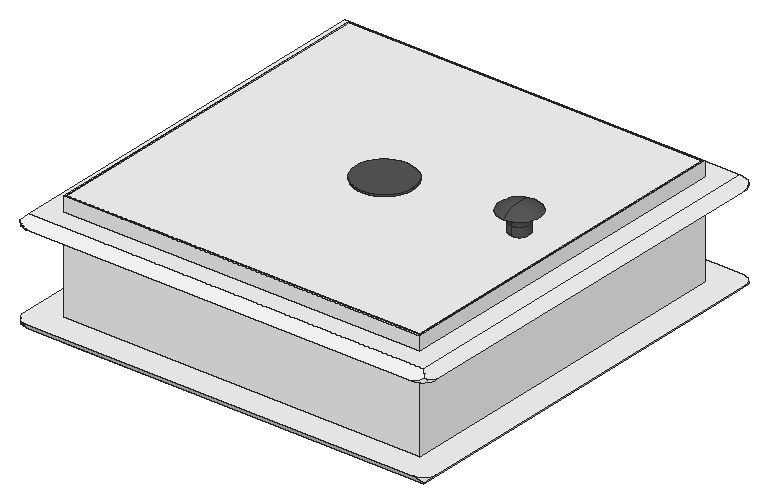
Revit family "Cabinet-Specimen_Pass_Thru-Whitehall-WH1865_Series", category Specialty Equipment, host Face, Revit 2021
Family settings
  Host = Face
  Round Connector Dimension = Use Diameter
  Part Type = Normal
  OmniClass Number = 23.65.70.17.27
  OmniClass Title = Fire Extinguishers
  Cut with Voids When Loaded = No
  Shared = Yes
  Room Calculation Point = No
Parameters (values of type "WH1865-EG10")
  Width = 6 1/4"  # constant formula
  Wall Thickness Constraints = if([Wall Thickness (Must Specify)] < 3", 3", if([Wall Thickness (Must Specify)] > 5 1/2", 5 1/2", [Wall Thickness (Must Specify)]))  # 3"
  Wall Thickness (Must Specify) = 3"
  URL = "http://www.whitehallmfg.com/"
  Type Comments = ""
  Product Page URL = "https://www.whitehallmfg.com/specimen-pass-thru-cabinet-wh1865-series"
  Product Documentation Link = "https://www.whitehallmfg.com/uploads/fileLibrary/WH1865.pdf?v=638973534540402579"
  Model = "WH1865-EG10"
  Material = "Stainless Steel-Whitehall-Enviro-glaze Powder Coat Snow White"
  Manufacturer = "Whitehall Manufacturing"  # constant formula
  Length = 14 1/2"  # constant formula
  Installation Type = "Recessed Wall Mounted"  # constant formula
  Height = 14 1/2"  # constant formula
  Door Length = 12 1/2"  # constant formula
  Door Height = 12 1/2"  # constant formula
  Description = "Specimen Pass-Thru Cabinet"  # constant formula
  Default Elevation = 36"
  Creation Date = "10/29/2025"  # constant formula
  Body Material = Stainless Steel-Whitehall-Enviro-glaze Powder Coat Snow White
  Assembly Code = "D4030200"
Types (3): name | Model | Material | Body Material
  (no name) | "WH1865-EG10" | "Stainless Steel-Whitehall-Enviro-glaze Powder Coat Snow White" | Stainless Steel-Whitehall-Enviro-glaze Powder Coat Snow White
  WH1865 | "WH1865" | "Stainless Steel-Whitehall-Satin" | Stainless Steel-Whitehall-Satin
  WH1865-EG10 | "WH1865-EG10" | "Stainless Steel-Whitehall-Enviro-glaze Powder Coat Snow White" | Stainless Steel-Whitehall-Enviro-glaze Powder Coat Snow White
Reference planes (in)
  plane 1 "Center (Front/Back)": y = 0.5
  plane 2: z = 0
  plane 3 "Center (Left/Right)": x = 0
  plane 4: y = -6.75
  plane 5: y = 7.75
  plane 6: x = -7.25
  plane 7: x = 7.25
  plane 8: z = -3
  plane 9: x = -6.25
  plane 10: x = 6.25
  plane 11: y = 6.75
  plane 12: y = -5.75
  plane 13: z = 0.85615
  plane 14: z = -3.84375
Forms (in)
  Sweep 1, solid, material "Stainless Steel-Whitehall-Enviro-glaze Powder Coat Snow White" <- "Body Material"
    path origin (0, 0, 0) x (1, 0, 0) y (0, 1, 0)
      loop
        line (-7.25, 7.75) -> (-7.25, -6.75) -> (7.25, -6.75) -> (7.25, 7.75) -> (-7.25, 7.75)
    profile origin (0, 7.75, 0) x (0, 1, 0) y (0, 0, 1)
      loop
        line (0, 0) -> (-0.30968, 0.30968) -> (-1, 0.30968) -> (-1, 0.80968) -> (-1.03125, 0.80968) -> (-1.03125, 0.58286) -> (-1.0625, 0.58286) -> (-1.0625, 0.80968) -> (-1.09375, 0.80968) -> (-1.09375, -3.80968) -> (-1.0625, -3.80968) -> (-1.0625, -3.58286) -> (-1.03125, -3.58286) -> (-1.03125, -3.80968) -> (-1, -3.80968) -> (-1, -3.30968) -> (-0.30968, -3.30968) -> (0, -3) -> (-1, -3) -> (-1, 0) -> (0, 0)
  Extrusion 2, solid, material "Stainless Steel-Whitehall-Enviro-glaze Powder Coat Snow White" <- "Body Material"
    sketch origin (0, 0, 0) x (1, 0, 0) y (0, 1, 0)
      loop
        line (-6.15625, 6.65625) -> (-6.15625, -5.65625) -> (6.15625, -5.65625) -> (6.15625, 6.65625) -> (-6.15625, 6.65625)
    from -3.80968 to 0.80968
  Revolve 3, solid, material "Plastic-Whitehall-Black"
    sketch origin (4.75, 33.29926, 0) x (0, 1, 0) y (0, 0, 1)
      loop
        line (-32.79926, 1.75689) -> (-32.79926, 0.80968) -> (-32.45714, 0.80968) -> (-32.45714, 1.13415)
        arc (-32.45714, 1.13415) -> (-32.35276, 1.38615) -> (-32.10076, 1.49054) r 0.35639
        arc (-32.10076, 1.49054) -> (-32.42548, 1.68804) -> (-32.79926, 1.75689) r 1.04909
      axis (-32.79926, 1.75689) -> (-32.79926, 0.80968)
    angle from 0 to 360
  Extrusion 4, solid, material "Plastic-Whitehall-Black"
    sketch origin (82.54289, -31.76211, 0) x (1, 0, 0) y (0, 1, 0)
      loop
        circle (-82.54289, 32.26211) r 1
    from -3.84375 to 0.85615
  Revolve 5, solid, material "Plastic-Whitehall-Black"
    sketch origin (4.75, 33.29926, -3) x (0, 1, 0) y (0, 0, 1)
      loop
        arc (-32.79926, -1.75689) -> (-32.42548, -1.68804) -> (-32.10076, -1.49054) r 1.04909
        arc (-32.10076, -1.49054) -> (-32.35276, -1.38615) -> (-32.45714, -1.13415) r 0.35639
        line (-32.45714, -1.13415) -> (-32.45714, -0.80968) -> (-32.79926, -0.80968) -> (-32.79926, -1.75689)
      axis (-32.79926, -1.75689) -> (-32.79926, -0.80968)
    angle from 0 to 360
  Sweep 6, void
    path origin (0, 0, 0) x (1, 0, 0) y (0, 1, 0)
      loop
        arc (-6.75, 7.75) -> (-7.10355, 7.60355) -> (-7.25, 7.25) r 0.5
        line (-7.25, 7.25) -> (-7.25, -6.25)
        arc (-7.25, -6.25) -> (-7.10355, -6.60355) -> (-6.75, -6.75) r 0.5
        line (-6.75, -6.75) -> (6.75, -6.75)
        arc (6.75, -6.75) -> (7.10355, -6.60355) -> (7.25, -6.25) r 0.5
        line (7.25, -6.25) -> (7.25, 7.25)
        arc (7.25, 7.25) -> (7.10355, 7.60355) -> (6.75, 7.75) r 0.5
        line (6.75, 7.75) -> (-6.75, 7.75)
    profile origin (0, 7.75, 0) x (0, 1, 0) y (0, 0, 1)
      loop
        line (0, -6.66795) -> (0.25, -6.66795) -> (0.25, 0.58205) -> (0, 0.58205) -> (0, -6.66795)
Cuts and joins
  Sweep 6 cuts Sweep 1
  Sweep 6 cuts Extrusion 2
  joined: Sweep 1, Extrusion 2
Dimensions and locks (in)
  equal spacing: plane 4, plane 1 "Center (Front/Back)", plane 5
  plane 4 to plane 5 = 14 1/2"
  "Height": plane 5 to plane 4
  equal spacing: plane 6, plane 3 "Center (Left/Right)", plane 7
  "Length": plane 6 to plane 7
  "Wall Thickness Constraints": level to plane 8
  equal spacing: plane 9, plane 3 "Center (Left/Right)", plane 10
  plane 9 to plane 10 = 12 1/2"
  Sweep 1 sketch curve to Sweep 1 sketch curve to Sweep 1 sketch curve = 1/2" locked, 0.30968" locked
  Revolve 3 sketch curve to Revolve 3 sketch curve to Revolve 3 sketch curve = 0.68086" locked, 0.26635" locked
  locked: plane 13 to level at 0.85615
  locked: plane 8 to plane 14 at 0.84375
  Revolve 5 sketch curve to Revolve 5 sketch curve to Revolve 5 sketch curve = 0.26635" locked, 0.68086" locked
  aligned and locked: plane 2 to host face
  aligned and locked: level to host face
  aligned and locked: plane 4 to Sweep 1 sketch curve
  aligned and locked: plane 5 to Sweep 1 sketch curve  (x2)
  aligned and locked: plane 6 to Sweep 1 sketch curve
  aligned and locked: plane 7 to Sweep 1 sketch curve
  aligned and locked: Sweep 1 to Extrusion 2  (x2)
  aligned and locked: Sweep 1 sketch curve to plane 8
  aligned and locked: Sweep 1 sketch curve to plane 11  (x2)
  aligned and locked: Sweep 1 sketch curve to Sweep 1 sketch curve
  aligned and locked: plane 1 "Center (Front/Back)" to Revolve 3 sketch curve  (x2)
  aligned and locked: Revolve 3 sketch curve to cut or joined group of Sweep 1, Extrusion 2, Sweep 6
  aligned and locked: plane 14 to Extrusion 4
  aligned and locked: plane 13 to Extrusion 4
  aligned and locked: Revolve 5 sketch curve to plane 1 "Center (Front/Back)"  (x2)
  aligned and locked: plane 7 to Sweep 6 sketch curve
  aligned and locked: plane 6 to Sweep 6 sketch curve
  aligned and locked: plane 5 to Sweep 6 sketch curve
  aligned and locked: plane 4 to Sweep 6 sketch curve
Automatic sketch dimensions
  host sketch curve to host sketch curve = 96"  (x2)
  Sweep 1 sketch curve to level = 0"
  Sweep 1 sketch curve to profile plane = 0"
  Sweep 1 sketch curve to Sweep 1 sketch curve = 1/32"  (x6)
  profile plane to Sweep 1 sketch curve = 0.30968"  (x2)
  Sweep 1 sketch curve to Sweep 1 sketch curve = 0.22682"  (x2)
  level to Sweep 1 sketch curve = 0.30968"
  Sweep 1 sketch curve to Sweep 1 sketch curve = 0.27318"
  Sweep 1 sketch curve to Sweep 1 sketch curve = 0"
  plane 9 to Extrusion 2 sketch curve = 3/32"
  plane 10 to Extrusion 2 sketch curve = 3/32"
  Extrusion 2 sketch curve to plane 12 = 3/32"
  Extrusion 2 sketch curve to plane 11 = 3/32"
  Revolve 3 sketch curve to plane 1 "Center (Front/Back)" = 0.34212"
  plane 13 to Revolve 3 sketch curve = 0.278"
  plane 8 to Revolve 3 sketch curve = 0.80968"
  Revolve 3 sketch curve to Revolve 3 sketch curve = 0.55279"
  plane 1 "Center (Front/Back)" to Extrusion 4 sketch curve = 0"
  Extrusion 4 sketch curve to plane 3 "Center (Left/Right)" = 0"
  Revolve 5 sketch curve to plane 14 = 0.03407"
  Revolve 5 sketch curve to plane 1 "Center (Front/Back)" = 0.34212"
  Revolve 5 sketch curve to Revolve 5 sketch curve = 0.35639"
  Revolve 5 sketch curve to Revolve 5 sketch curve = 0.55279"
  Revolve 5 sketch curve to level = 0.80968"
  plane 5 to Sweep 6 sketch curve = 1/2"
  plane 4 to Sweep 6 sketch curve = 1/2"  (x2)
  plane 7 to Sweep 6 sketch curve = 1/2"
  Sweep 6 sketch curve to profile plane = 0"
  Sweep 6 sketch curve to profile plane = 1/4"
  Sweep 6 sketch curve to level = 6.66795"
  level to Sweep 6 sketch curve = 0.58205"
  radius of Extrusion 4 sketch curve = 1"
